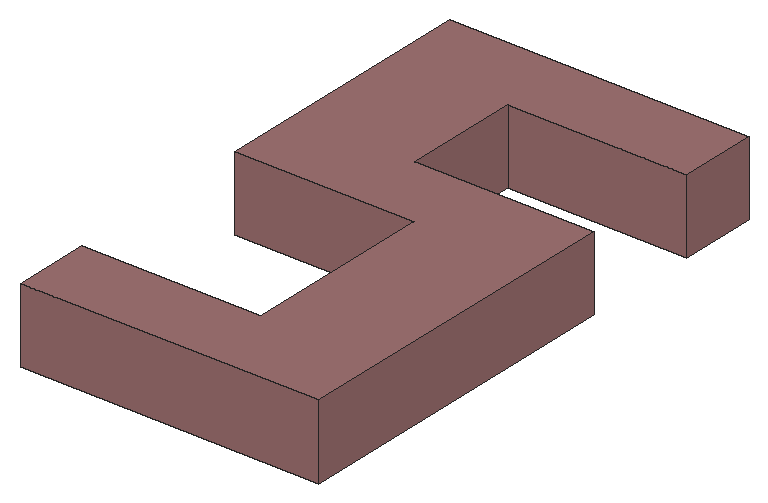
Revit family "Семейство5", category Обобщенные модели, Revit 2022
Family settings
  Может служить основой для арматурных стержней = Нет
  Размер круглого соединителя = Использовать диаметр
  Тип детали = Нормальный
  На основе рабочей плоскости = Нет
  Всегда вертикально = Да
  При загрузке вырезать с полостями = Нет
  Сохранять ориентацию аннотаций = Нет
  Общий = Нет
  Точка принадлежности помещению = Нет
Parameters
  Отметка по умолчанию = 0 mm
Reference planes
  plane 1 "По центру (Вперед/Назад)": y = 0
  plane 2: z = 0
  plane 3 "По центру (Влево/Вправо)": x = 0
Forms (mm)
  Extrusion 1, solid, material "Новый материал 5"
    sketch origin (270, -55.402, 0) x (1, 0, 0) y (0, 1, 0)
      loop
        line (-169.725, -845.893) -> (230, -845.893) -> (230, 309.369) -> (-169.725, 309.369) -> (-169.725, -845.893)
    from 0 to 250
  Extrusion 2, solid, material "Новый материал 5"
    sketch origin (-460, -244.8, 0) x (1, 0, 0) y (0, 1, 0)
      loop
        line (-40, 888.305) -> (960, 888.305) -> (960, 1144.8) -> (-40, 1144.8) -> (-40, 888.305)
    from 0 to 250
  Extrusion 3, solid, material "Новый материал 5"
    sketch origin (-464.8, -1020.6, 0) x (1, 0, 0) y (0, 1, 0)
      loop
        line (-35.2, 1274.568) -> (-35.2, 1019.6) -> (964.8, 1019.6) -> (964.8, 1274.568) -> (-35.2, 1274.568)
    from 0 to 250
  Extrusion 4, solid, material "Новый материал 5"
    sketch origin (-464.8, -1789.6, 0) x (1, 0, 0) y (0, 1, 0)
      loop
        line (-35.2, 888.305) -> (964.8, 888.305) -> (964.8, 1144.8) -> (-35.2, 1144.8) -> (-35.2, 888.305)
    from 0 to 250
  Extrusion 5, solid, material "Новый материал 5"
    sketch origin (-329.8, -820.202, 0) x (1, 0, 0) y (0, 1, 0)
      loop
        line (-170.2, 819.202) -> (230, 819.202) -> (230, 1720.202) -> (-170.2, 1720.202) -> (-170.2, 819.202)
    from 0 to 250
Cuts and joins
  joined: Extrusion 1, Extrusion 2, Extrusion 3, Extrusion 4, Extrusion 5
Dimensions and locks
  plane 3 "По центру (Влево/Вправо)" to Extrusion 1 to Extrusion 1 = 100.275 mm, 399.725 mm
  Extrusion 1 to plane 1 "По центру (Вперед/Назад)" to Extrusion 1 = 253.968 mm, 901.295 mm
  Extrusion 2 to Extrusion 2 = 1000 mm
  Extrusion 2 to Extrusion 2 = 256.495 mm
  cut or joined group of Extrusion 1, Extrusion 2, Extrusion 3, Extrusion 4, Extrusion 5 to cut or joined group of Extrusion 1, Extrusion 2, Extrusion 3, Extrusion 4, Extrusion 5 = 250 mm
  cut or joined group of Extrusion 1, Extrusion 2, Extrusion 3, Extrusion 4, Extrusion 5 to plane 3 "По центру (Влево/Вправо)" to cut or joined group of Extrusion 1, Extrusion 2, Extrusion 3, Extrusion 4, Extrusion 5 = 500 mm, 500 mm
  cut or joined group of Extrusion 1, Extrusion 2, Extrusion 3, Extrusion 4, Extrusion 5 to cut or joined group of Extrusion 1, Extrusion 2, Extrusion 3, Extrusion 4, Extrusion 5 = 256.495 mm
  aligned and locked: level to plane 2
